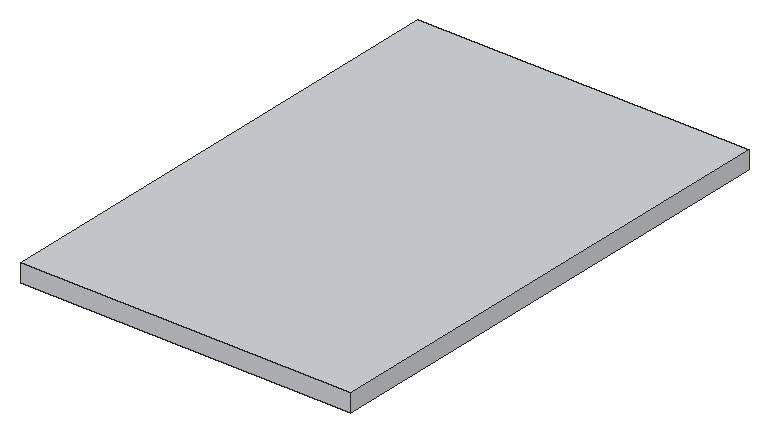
Revit family "M200-A160 DAWSxxxESGS", category Leuchten, Revit 2019
Family settings
  Basisbauteil = Fläche
  Bemaßung runder Anschluss = Durchmesser verwenden
  Teiletyp = Normal
  OmniClass-Nummer = 23.80.70.11
  OmniClass-Titel = Luminaries for Internal Lighting
  Beim Laden mit Abzugskörper schneiden = Nein
  Lichtquelle = Ja
  Gemeinsam genutzt = Nein
  Raumberechnungspunkt = Nein
Parameters (values of type "M200-A160 NDWS840ESGS0550-RF")
  width = 200 mm  # constant formula
  weight = "12,5"
  voltage type (AC, DC, UC) = "AC"
  rated input power = 44  # constant formula
  product name = "M200-A160 NDWS840ESGS0550-RF"
  nominal voltage = "230"
  nominal frequency = "50-60Hz"
  length = 1600 mm  # constant formula
  ingress protection (IP) code = "IP65"  # constant formula
  height = 70 mm  # constant formula
  electrical safety class = "2"  # constant formula
  control gear = ""
  conformity mark = "CE"  # constant formula
  brand = "RIDI"
  approval mark = ""
  built-in parameter 1150104 = 13.8 (stored number, unit not read)
  Wattage = 38.5278 W
  Von Breite des Rechtecks ausssenden = 1448 mm  # constant formula
  Von Länge des Rechtecks aussenden = 151 mm  # constant formula
  Default Elevation = 0 mm
  built-in parameter 1150113 = 1 (stored number, unit not read)
  built-in parameter 1114218 = 1 (stored number, unit not read)
  URL = "www.ridi.de"
  built-in parameter 1150134 = 12
  built-in parameter 1150109 = 1 (stored number, unit not read)
  built-in parameter 1150110 = 1 (stored number, unit not read)
  Apparent Load = 44 VA  # constant formula
  Tilt Angle = 90.00°
  Modell = "0627619"
  built-in parameter 1114217 = 1 (stored number, unit not read)
  built-in parameter 1150139 = (empty or 0)
  built-in parameter 1150105 = 455.42 (stored number, unit not read)
  built-in parameter 1150114 = 1 (stored number, unit not read)
  Lumens = 5723 lm
  built-in parameter 1150115 = 1 (stored number, unit not read)
  built-in parameter 1150112 = 1 (stored number, unit not read)
  Lampe = "LED"
  Hersteller = "RIDI Leuchten GmbH"  # constant formula
  Dimming Lamp Color Temperature Shift = (empty or 0)
  Color Filter = 16777215
  built-in parameter 1150133 = 10 (stored number, unit not read)
  Emit Shape Visible in Rendering = no
  built-in parameter 1150137 = (empty or 0)
  built-in parameter 1150132 = 2
  Datei für fotometrisches Netz = "M200-A_ESGS.IES"
  Copyright = "© RIDI. All rights reserved."  # constant formula
  built-in parameter 1150106 = 4.5542 (stored number, unit not read)
  Baugruppenkennzeichen = "D5020200"
  built-in parameter 1150107 = 4000 (stored number, unit not read)
  built-in parameter 1150102 = (empty or 0)
  built-in parameter 1150138 = (empty or 0)
Types (5, lengths in mm): name | product name | Wattage | built-in parameter 1150134 | Modell | built-in parameter 1150105 | Lumens | built-in parameter 1150106 | built-in parameter 1150107
  (no name) | "M200-A160 NDWS840ESGS0550-RF" | 38.5278 W | 12 | "0627619" | 455.42 (stored number, unit not read) | 5723 lm | 4.5542 (stored number, unit not read) | 4000 (stored number, unit not read)
  M200-A160 DAWS830ESGS0550 | "M200-A160 DAWS830ESGS0550" | 36.5553 W | (empty or 0) | "0637618" | 432.11 (stored number, unit not read) | 5430 lm | 4.3211 (stored number, unit not read) | 3000 (stored number, unit not read)
  M200-A160 DAWS840ESGS0550 | "M200-A160 DAWS840ESGS0550" | 38.5278 W | 12 | "0637619" | 455.42 (stored number, unit not read) | 5723 lm | 4.5542 (stored number, unit not read) | 4000 (stored number, unit not read)
  M200-A160 NDWS830ESGS0550-RF | "M200-A160 NDWS830ESGS0550-RF" | 36.5553 W | (empty or 0) | "0627618" | 432.11 (stored number, unit not read) | 5430 lm | 4.3211 (stored number, unit not read) | 3000 (stored number, unit not read)
  M200-A160 NDWS840ESGS0550-RF | "M200-A160 NDWS840ESGS0550-RF" | 38.5278 W | 12 | "0627619" | 455.42 (stored number, unit not read) | 5723 lm | 4.5542 (stored number, unit not read) | 4000 (stored number, unit not read)
Reference planes
  plane 1 "Mitte (Vorne/hinten)": y = 0
  plane 2: z = 0
  plane 3 "Mitte (Links/rechts)": x = 0
Forms (mm)
  Extrusion 1, solid
    sketch origin (219.2, 280.8, 0) x (1, 0, 0) y (0, 1, 0)
      loop
        line (-1219.2, 1219.2) -> (-1219.2, -1780.8) -> (780.8, -1780.8) -> (780.8, 1219.2) -> (-1219.2, 1219.2)
    from 0 to -107.307
Dimensions and locks
  aligned and locked: plane 2 to Extrusion 1
  aligned and locked: imposter light to plane 3 "Mitte (Links/rechts)"
  aligned and locked: imposter light to import instance
  aligned and locked: import instance to level
Connectors
  electrical at (-51.396, 699, 9.769), driven by "Apparent Load"
    settings: on import instance, index 1, voltage 230 V, apparent load 0 VA, apparent load phase1 44 VA, apparent load phase2 0 VA, apparent load phase3 0 VA, power factor 1, load classification "Lighting", number of poles 1, system type 31, power factor state 1, is connector primary yes, connector utility no, sub classification motor no, connector description ""
